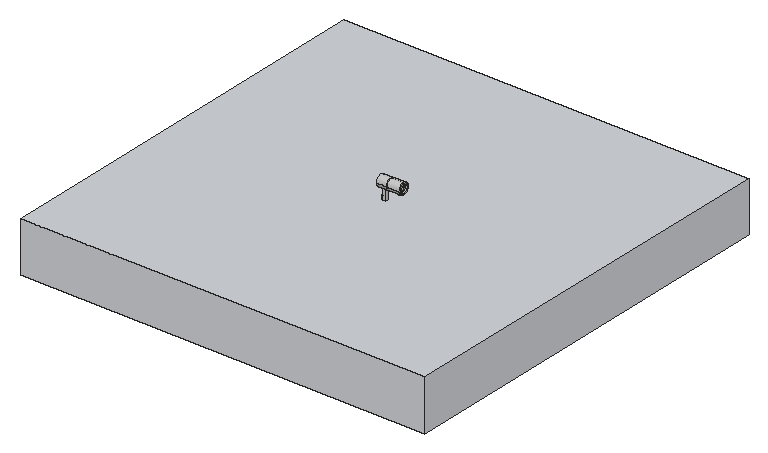
Revit family "LAMP_HANCE 48V 1000-2000 SPOT DALI", category Luminarias, Revit 2015
Parameters (values of type "657LM 2700 SPOT BLACK")
  Weight = 0.435 kg
  Type = "COB PHILIPS"
  Tilting angle [instance] = 90.00°
  Tilting [instance] = if(Tilting angle < 0.00°, 0.00°, if(Tilting angle > 90.00°, 90.00°, Tilting angle))  # 90.00°
  Rotation angle [instance] = 90.00°
  Protection rating = "IP20"
  Product datasheet = "http://www.lamp.es/product-files/TECH/HS1TL10SP827DBB-EN.pdf"
  Product code = "HS1TL10SP827DBB"
  Product URL = "https://www.lamp.es/en/family/hance-48v_195581"
  Power Supply = "48V DC"
  Power = 9 W
  Plum = 9.4 W
  Photometric web file = Cuerpo Hance 48V BASE 1000_2000 (tilting)_SP : 657LM 2700 SPOT BLACK
  Modelo = Product code  # "HS1TL10SP827DBB"
  Model explanation = "Availability of tilting between 0º and 90º, rotation between 0º and 355º and change ring color when placed in a project."
  Material tija = LAMP_Aluminio Hance Negro
  Manufacturer name = "LAMP"
  Manufacturer country = "Spain"
  Manufacturer URL = "http://www.lamp.es/en"
  MacAdam = "3"
  Luminaire type = "Indoor - Spotlight"
  Last update = "02/04/2019"
  Lamp = "COB LED"
  LED Lifetime = "50.000 L90 B10"
  Insulation class = "III"
  Installation instructions = "https://www.lamp.es/product-files/INS/1004290-B-INSTR.%20DE%20MONTAJE%20HANCE%2048V.pdf"
  Initial intensity = 657 lm
  Initial color = 2700 K
  IEE = "A+"
  Height = 135 mm
  Gear = "Adjustable DALI"
  Finish = "RAL9011 textured"
  Fabricante = Manufacturer name  # "LAMP"
  Default Elevation = 1219.2 mm
  Efficacy = 70 lm/W
  Diameter = 65 mm
  Descripción = "HANCE TRACK 48 1000 VWW SP DALI BK."
  Decorative ring [instance] = Aro decorativo 48V (tilting) (1000-2000) : Black
  Comentarios de tipo = Model explanation  # "Availability of tilting between 0º and 90º, rotation between 0º and 355º and change ring color when placed in a project."
  CRI = "80"
Types (12, lengths in mm): name | Product datasheet | Product code | Power | Plum | Photometric web file | Modelo | Material tija | LED Lifetime | Initial intensity | Initial color | Finish | Efficacy | Descripción
  657LM 2700 SPOT BLACK | "http://www.lamp.es/product-files/TECH/HS1TL10SP827DBB-EN.pdf" | "HS1TL10SP827DBB" | 9 W | 9.4 W | Cuerpo Hance 48V BASE 1000_2000 (tilting)_SP : 657LM 2700 SPOT BLACK | "HS1TL10SP827DBB" | LAMP_Aluminio Hance Negro | "50.000 L90 B10" | 657 lm | 2700 K | "RAL9011 textured" | 70 lm/W | "HANCE TRACK 48 1000 VWW SP DALI BK."
  657LM 2700 SPOT WHITE | "http://www.lamp.es/product-files/TECH/HS1TL10SP827DBW-EN.pdf" | "HS1TL10SP827DBW" | 9 W | 9.4 W | Cuerpo Hance 48V BASE 1000_2000 (tilting)_SP : 657LM 2700 SPOT WHITE | "HS1TL10SP827DBW" | LAMP_Aluminio Hance Blanco | "50.000 L90 B10" | 657 lm | 2700 K | "RAL9010 textured" | 70 lm/W | "HANCE TRACK 48 1000 VWW SP DALI WH."
  670LM 3000 SPOT BLACK | "http://www.lamp.es/product-files/TECH/HS1TL10SP830DBB-EN.pdf" | "HS1TL10SP830DBB" | 9 W | 9.4 W | Cuerpo Hance 48V BASE 1000_2000 (tilting)_SP : 670LM 3000 SPOT BLACK | "HS1TL10SP830DBB" | LAMP_Aluminio Hance Negro | "50.000 L90 B10" | 670 lm | 3000 K | "RAL9011 textured" | 71 lm/W | "HANCE TRACK 48 1000 WW SP DALI BK."
  670LM 3000 SPOT WHITE | "http://www.lamp.es/product-files/TECH/HS1TL10SP830DBW-EN.pdf" | "HS1TL10SP830DBW" | 9 W | 9.4 W | Cuerpo Hance 48V BASE 1000_2000 (tilting)_SP : 670LM 3000 SPOT WHITE | "HS1TL10SP830DBW" | LAMP_Aluminio Hance Negro | "50.000 L90 B10" | 670 lm | 3000 K | "RAL9010 textured" | 71 lm/W | "HANCE TRACK 48 1000 WW SP DALI WH."
  710LM 4000 SPOT BLACK | "http://www.lamp.es/product-files/TECH/HS1TL10SP840DBB-EN.pdf" | "HS1TL10SP840DBB" | 9 W | 9.4 W | Cuerpo Hance 48V BASE 1000_2000 (tilting)_SP : 710LM 4000 SPOT BLACK | "HS1TL10SP840DBB" | LAMP_Aluminio Hance Negro | "50.000 L90 B10" | 710 lm | 4000 K | "RAL9011 textured" | 76 lm/W | "HANCE TRACK 48 1000 NW SP DALI BK."
  710LM 4000 SPOT WHITE | "http://www.lamp.es/product-files/TECH/HS1TL10SP840DBW-EN.pdf" | "HS1TL10SP840DBW" | 9 W | 9.4 W | Cuerpo Hance 48V BASE 1000_2000 (tilting)_SP : 710LM 4000 SPOT WHITE | "HS1TL10SP840DBW" | LAMP_Aluminio Hance Blanco | "50.000 L90 B10" | 710 lm | 4000 K | "RAL9010 textured" | 76 lm/W | "HANCE TRACK 48 1000 NW SP DALI WH."
  1427LM 2700 SPOT BLACK | "http://www.lamp.es/product-files/TECH/HS1TL20SP827DBB-EN.pdf" | "HS1TL20SP827DBB" | 18 W | 16.9 W | Cuerpo Hance 48V BASE 1000_2000 (tilting)_SP : 1427LM 2700 SPOT BLACK | "HS1TL20SP827DBB" | LAMP_Aluminio Hance Negro | "50.000 L80 B10" | 1427 lm | 2700 K | "RAL9011 textured" | 84 lm/W | "HANCE TRACK 48 2000 VWW SP DALI BK."
  1427LM 2700 SPOT WHITE | "http://www.lamp.es/product-files/TECH/HS1TL20SP827DBW-EN.pdf" | "HS1TL20SP827DBW" | 18 W | 16.9 W | Cuerpo Hance 48V BASE 1000_2000 (tilting)_SP : 1427LM 2700 SPOT WHITE | "HS1TL20SP827DBW" | LAMP_Aluminio Hance Blanco | "50.000 L80 B10" | 1427 lm | 2700 K | "RAL9010 textured" | 84 lm/W | "HANCE TRACK 48 2000 VWW SP DALI WH."
  1456LM 3000 SPOT BLACK | "http://www.lamp.es/product-files/TECH/HS1TL20SP830DBB-EN.pdf" | "HS1TL20SP830DBB" | 18 W | 16.9 W | Cuerpo Hance 48V BASE 1000_2000 (tilting)_SP : 1456LM 3000 SPOT BLACK | "HS1TL20SP830DBB" | LAMP_Aluminio Hance Negro | "50.000 L80 B10" | 1456 lm | 3000 K | "RAL9011 textured" | 86 lm/W | "HANCE TRACK 48 2000 WW SP DALI BK."
  1456LM 3000 SPOT WHITE | "http://www.lamp.es/product-files/TECH/HS1TL20SP830DBW-EN.pdf" | "HS1TL20SP830DBW" | 18 W | 16.9 W | Cuerpo Hance 48V BASE 1000_2000 (tilting)_SP : 1456LM 3000 SPOT WHITE | "HS1TL20SP830DBW" | LAMP_Aluminio Hance Blanco | "50.000 L80 B10" | 1456 lm | 3000 K | "RAL9010 textured" | 86 lm/W | "HANCE TRACK 48 2000 WW SP DALI WH."
  1542LM 4000 SPOT BLACK | "http://www.lamp.es/product-files/TECH/HS1TL20SP840DBB-EN.pdf" | "HS1TL20SP840DBB" | 18 W | 16.9 W | Cuerpo Hance 48V BASE 1000_2000 (tilting)_SP : 1542LM 4000 SPOT BLACK | "HS1TL20SP840DBB" | LAMP_Aluminio Hance Negro | "50.000 L80 B10" | 1542 lm | 4000 K | "RAL9011 textured" | 91 lm/W | "HANCE TRACK 48 2000 NW SP DALI BK."
  1542LM 4000 SPOT WHITE | "http://www.lamp.es/product-files/TECH/HS1TL20SP840DBW-EN.pdf" | "HS1TL20SP840DBW" | 18 W | 16.9 W | Cuerpo Hance 48V BASE 1000_2000 (tilting)_SP : 1542LM 4000 SPOT WHITE | "HS1TL20SP840DBW" | LAMP_Aluminio Hance Blanco | "50.000 L80 B10" | 1542 lm | 4000 K | "RAL9010 textured" | 91 lm/W | "HANCE TRACK 48 2000 NW SP DALI WH."
Reference planes
  plane 1 "Centro (Frontal/Posterior)": y = 0
  plane 2: z = 0
  plane 3 "Centro (Izquierda/Derecha)": x = 0
Forms (mm)
  Extrusion 1, solid
    sketch origin (0, 0, 0) x (1, 0, 0) y (0, 1, 0)
      loop
        line (-1219.2, 1219.2) -> (-1219.2, -1219.2) -> (1219.2, -1219.2) -> (1219.2, 1219.2) -> (-1219.2, 1219.2)
    from 0 to -304.8
Lines and regions (mm)
  reference lines
    curve 1: line (0, 0, 0) -> (35, 0, 0)
Text (mm)
  text "Any modification of the parameters and properties of the LAMP BIM models must be executed and validated by the LAMP technical department.\n\nPhone: +34 93 736 68 00\n\nE-mail: lamp@lamp.es\n\n\n\nLAMP reserves the right to modify the technical specifications of its products." at (-20834.097, 15882.061, -4447.286), in view "Preview"
Dimensions and locks
  "Rotation angle": angle curve 1 to plane 3 "Centro (Izquierda/Derecha)"
  aligned and locked: plane 2 to Extrusion 1
  aligned and locked: level to Extrusion 1
  aligned and locked: plane 3 "Centro (Izquierda/Derecha)" to curve 1
  aligned and locked: plane 1 "Centro (Frontal/Posterior)" to curve 1
Automatic sketch dimensions
  Extrusion 1 sketch curve to Extrusion 1 sketch curve = 2438.4 mm  (x2)
Nested families
  nested 1: "Tija 48V (1000-2000)" at (4.1, 0, 0), type "Tija 48V"
  nested 2: "Cuerpo Hance 48V BASE 1000_2000 (tilting)_SP" at (1.081, -1.967, 77.249) x (1, 0, 0) z (0, 0, -1), type <- "Photometric web file", type "657LM 2700 SPOT BLACK"
  nested 3: "Aro decorativo 48V (tilting) (1000-2000)" at (57.856, 0, 77.274) x (0, 0, 1) z (1, 0, 0), type <- "Decorative ring", type "Black"
    with Tilting 0.00°
Definition of nested family "Tija 48V (1000-2000)"
  Parameters (values of type "Tija 48V")
    Profundidad tija = 18 mm
    Material tija = none
    Default Elevation = 1219.2 mm
    Diametro vaciado redondo = if(Anchura tija = 20 mm, 10 mm, 7.5 mm)  # 10 mm
    Anchura tija = 20 mm
    Profundo vaciado = if(Profundidad tija = 18 mm, 10.8 mm, 1 mm)  # 10.8 mm
    Ancho vaciado = Anchura tija  # 20 mm
    Altura tija = 88.5 mm
  Reference planes
    plane 1 "Centro (Frontal/Posterior)": y = 0
    plane 2: z = 0
    plane 3 "Centro (Izquierda/Derecha)": x = 0
  Forms (mm)
    Extrusion 1, solid
      sketch origin (0, 0, 0) x (1, 0, 0) y (0, 1, 0)
        loop
          line (-1219.2, 1219.2) -> (-1219.2, -1219.2) -> (1219.2, -1219.2) -> (1219.2, 1219.2) -> (-1219.2, 1219.2)
      from 0 to -304.8
    Extrusion 2, solid, material <- "Material tija"
      sketch origin (0, 0, -18) x (1, 0, 0) y (0, 0, 1)
        loop
          line (13.9, 18) -> (13.9, 106.5) -> (-6.297, 106.5)
          arc (-6.297, 106.5) -> (-12.297, 100.5) -> (-6.297, 94.5) r 6
          line (-6.297, 94.5) -> (-4.1, 94.5) -> (-4.1, 40) -> (-18.142, 40) -> (-18.142, 18) -> (-4.1, 18) -> (13.9, 18)
      from -10 to 10
    Extrusion 3, void
      sketch origin (10.8, -11.5, 0) x (-1, 0, 0) y (0, 1, 0)
        loop
          line (0, 21.5) -> (-28.341, 21.5) -> (-28.341, 1.5) -> (0, 1.5)
          arc (0, 1.5) -> (-1.264, 11.5) -> (0, 21.5) r 40.201
      from -132.265 to 0
    Extrusion 4, void
      sketch origin (27.648, 0, 0) x (1, 0, 0) y (0, 1, 0)
        loop
          line (-31.748, 10) -> (-31.748, 20) -> (-61.648, 20) -> (-61.648, -18.394) -> (-31.748, -18.394) -> (-31.748, -10)
          arc (-31.748, -10) -> (-41.748, 0) -> (-31.748, 10) r 10
      from 0 to 22
    Extrusion 5, void
      sketch origin (0, 0, 0) x (1, 0, 0) y (0, 0, 1)
        loop
          circle (-7.621, 82.5) r 3.125
        loop
          circle (-7.621, 46.9) r 3.125
      from -21.347 to 27.483
  Cuts and joins
    Extrusion 3, Extrusion 4, Extrusion 5 cuts Extrusion 2
  Lines and regions (mm)
    reference lines
      curve 1: line (10.8, -11.5, 0) -> (10.8, 11.5, 0)
  Dimensions and locks
    equal spacing: cut or joined group of Extrusion 2, Extrusion 3, Extrusion 4, Extrusion 5, plane 1 "Centro (Frontal/Posterior)", cut or joined group of Extrusion 2, Extrusion 3, Extrusion 4, Extrusion 5
    "Anchura tija": cut or joined group of Extrusion 2, Extrusion 3, Extrusion 4, Extrusion 5 to cut or joined group of Extrusion 2, Extrusion 3, Extrusion 4, Extrusion 5
    plane 1 "Centro (Frontal/Posterior)" to Extrusion 3 sketch curve = 10 mm
    "Altura tija": Extrusion 2 sketch curve to Extrusion 2 sketch curve
    "Profundidad tija": cut or joined group of Extrusion 2, Extrusion 3, Extrusion 4, Extrusion 5 to cut or joined group of Extrusion 2, Extrusion 3, Extrusion 4, Extrusion 5
    locked: cut or joined group of Extrusion 2, Extrusion 3, Extrusion 4, Extrusion 5 to plane 3 "Centro (Izquierda/Derecha)" at 4.1
    locked: plane 3 "Centro (Izquierda/Derecha)" to Extrusion 3 sketch curve at 39.141
    "Profundo vaciado": plane 3 "Centro (Izquierda/Derecha)" to curve 1
    "Ancho vaciado": Extrusion 3 sketch curve to Extrusion 3 sketch curve
    equal spacing: Extrusion 3 sketch curve, plane 1 "Centro (Frontal/Posterior)", Extrusion 3 sketch curve
    "Diametro vaciado redondo": radius of Extrusion 4 sketch curve
    aligned and locked: plane 2 to Extrusion 1
    aligned and locked: level to Extrusion 1
  Automatic sketch dimensions
    Extrusion 1 sketch curve to Extrusion 1 sketch curve = 2438.4 mm  (x2)
    Extrusion 5 sketch curve to plane 3 "Centro (Izquierda/Derecha)" = 7.621 mm  (x2)
    level to Extrusion 5 sketch curve = 46.9 mm
    Extrusion 5 sketch curve to Extrusion 5 sketch curve = 35.6 mm
    Extrusion 5 sketch curve to Extrusion 5 sketch curve = 3.125 mm  (x2)
    Extrusion 2 sketch curve to level = 0 mm
    Extrusion 2 sketch curve to plane 3 "Centro (Izquierda/Derecha)" = 18.142 mm
    Extrusion 2 sketch curve to plane 3 "Centro (Izquierda/Derecha)" = 6.297 mm
    Extrusion 2 sketch curve to plane 3 "Centro (Izquierda/Derecha)" = 4.1 mm  (x2)
    plane 3 "Centro (Izquierda/Derecha)" to Extrusion 2 sketch curve = 13.9 mm
    level to Extrusion 2 sketch curve = 22 mm
    Extrusion 2 sketch curve to Extrusion 2 sketch curve = 12 mm
    plane 1 "Centro (Frontal/Posterior)" to curve 1 = 11.5 mm
    curve 1 to plane 1 "Centro (Frontal/Posterior)" = 11.5 mm
    Extrusion 3 sketch curve to curve 1 = 0 mm  (x2)
    curve 1 to Extrusion 3 sketch curve = 38.937 mm
    plane 1 "Centro (Frontal/Posterior)" to Extrusion 4 sketch curve = 0 mm
    Extrusion 4 sketch curve to plane 3 "Centro (Izquierda/Derecha)" = 34 mm
    Extrusion 4 sketch curve to plane 3 "Centro (Izquierda/Derecha)" = 4.1 mm
    plane 1 "Centro (Frontal/Posterior)" to Extrusion 4 sketch curve = 18.394 mm
    Extrusion 4 sketch curve to Extrusion 4 sketch curve = 10 mm
Definition of nested family "Cuerpo Hance 48V BASE 1000_2000 (tilting)_SP"
  Parameters (values of type "657LM 2700 SPOT BLACK")
    Tilting = 90.00°
    Photometric web file = Cuerpo Hance 48V BASE 1000_2000_SP : 657LM 2700 SPOT BLACK
    Longitud cuerpo = 135 mm
    Default Elevation = 1219.2 mm
  Types (13, lengths in mm): name | Photometric web file
    (no name) | Cuerpo Hance 48V BASE 1000_2000_SP : 657LM 2700 SPOT BLACK
    657LM 2700 SPOT BLACK | Cuerpo Hance 48V BASE 1000_2000_SP : 657LM 2700 SPOT BLACK
    657LM 2700 SPOT WHITE | Cuerpo Hance 48V BASE 1000_2000_SP : 657LM 2700 SPOT WHITE
    670LM 3000 SPOT BLACK | Cuerpo Hance 48V BASE 1000_2000_SP : 670LM 3000 SPOT BLACK
    670LM 3000 SPOT WHITE | Cuerpo Hance 48V BASE 1000_2000_SP : 670LM 3000 SPOT WHITE
    710LM 4000 SPOT BLACK | Cuerpo Hance 48V BASE 1000_2000_SP : 710LM 4000 SPOT BLACK
    710LM 4000 SPOT WHITE | Cuerpo Hance 48V BASE 1000_2000_SP : 710LM 4000 SPOT WHITE
    1427LM 2700 SPOT BLACK | Cuerpo Hance 48V BASE 1000_2000_SP : 1427LM 2700 SPOT BLACK
    1427LM 2700 SPOT WHITE | Cuerpo Hance 48V BASE 1000_2000_SP : 1427LM 2700 SPOT WHITE
    1456LM 3000 SPOT BLACK | Cuerpo Hance 48V BASE 1000_2000_SP : 1456LM 3000 SPOT BLACK
    1456LM 3000 SPOT WHITE | Cuerpo Hance 48V BASE 1000_2000_SP : 1456LM 3000 SPOT WHITE
    1542LM 4000 SPOT BLACK | Cuerpo Hance 48V BASE 1000_2000_SP : 1542LM 4000 SPOT BLACK
    1542LM 4000 SPOT WHITE | Cuerpo Hance 48V BASE 1000_2000_SP : 1542LM 4000 SPOT WHITE
  Reference planes
    plane 1 "Centro (Frontal/Posterior)": y = 0
    plane 2: z = 0
    plane 3 "Centro (Izquierda/Derecha)": x = 0
  Lines and regions (mm)
    reference lines
      curve 1: line (0, 0, 0) -> (200, 0, 0)
  Dimensions and locks
    "Tilting": angle plane 3 "Centro (Izquierda/Derecha)" to curve 1
    aligned and locked: level to plane 2
    aligned and locked: plane 3 "Centro (Izquierda/Derecha)" to curve 1
    aligned and locked: plane 2 to curve 1
  Nested families
    nested 1: "Cuerpo Hance 48V BASE 1000_2000_SP" at (21.857, -1.967, 11.25), type <- "Photometric web file", type "657LM 2700 SPOT BLACK"
  Definition of nested family "Cuerpo Hance 48V BASE 1000_2000_SP"
    Parameters (values of type "657LM 2700 SPOT BLACK")
      Tilt Angle = 90.00° + Tilting  # 180.00°
      Wattage = 9.4 W
      Tilting = 90.00°
      built-in parameter 1150107 = 2700 (stored number, unit not read)
      Radio vacio posterior = Radio cuerpo - 2.2 mm  # 30.3 mm
      Radio vaciado = Radio cuerpo - 1.5 mm  # 31 mm
      Radio optica = if(Radio cuerpo = 20 mm, 10 mm, 23 mm)  # 23 mm
      Radio cuerpo = if(Longitud cuerpo = 78 mm, 20 mm, 32.5 mm)  # 32.5 mm
      built-in parameter 1150110 = 1 (stored number, unit not read)
      built-in parameter 1150109 = 1 (stored number, unit not read)
      built-in parameter 1150112 = 1 (stored number, unit not read)
      built-in parameter 1150113 = 1 (stored number, unit not read)
      built-in parameter 1114218 = 1 (stored number, unit not read)
      built-in parameter 1150137 = (empty or 0)
      built-in parameter 1150132 = 2
      Material reflector = none
      Material optica = none
      Material cuerpo = none
      Material COB = none
      Longitud cuerpo = 135 mm
      Long. origen luz = if(Longitud cuerpo = 78 mm, 20 mm, 77 mm)  # 77 mm
      L_2 = if(Ancho disipador posterior = 32 mm, 9.5 mm, 21 mm)  # 21 mm
      L_1 = if(Ancho disipador posterior = 32 mm, 13 mm, 27 mm)  # 27 mm
      built-in parameter 1150105 = 3534.8 (stored number, unit not read)
      built-in parameter 1150102 = (empty or 0)
      built-in parameter 1150106 = 35.348 (stored number, unit not read)
      Lumens = 658 lm
      Color Filter = 16777215
      built-in parameter 1114217 = 1 (stored number, unit not read)
      built-in parameter 1150139 = (empty or 0)
      Default Elevation = 1219.2 mm
      built-in parameter 1150104 = 6.5032 (stored number, unit not read)
      Efficacy = 70 lm/W
      Diametro aro = if(Radio cuerpo = 20 mm, 17.9 mm, 30.4 mm)  # 30.4 mm
      built-in parameter 1150115 = 1 (stored number, unit not read)
      built-in parameter 1150114 = 1 (stored number, unit not read)
      built-in parameter 1150138 = (empty or 0)
      built-in parameter 1150134 = (empty or 0)
      Dimming Lamp Color Temperature Shift = (empty or 0)
      Photometric Web File = "HS1TL10SP827NBB.IES"
      Ancho vaciado reflector = Ancho reflector - 1 mm  # 23 mm
      Ancho reflector = 24 mm
      Ancho disipador posterior = if(Radio cuerpo = 20 mm, 32 mm, 57 mm)  # 57 mm
      built-in parameter 1150133 = 10 (stored number, unit not read)
      Altura disipador superior = if(Radio cuerpo = 20 mm, 44.3 mm, 45.3 mm)  # 45.3 mm
      Ancho disipador superior = if(Radio cuerpo = 20 mm, 16.8 mm, 22.6 mm)  # 22.6 mm
    Types (12, lengths in mm): name | Wattage | built-in parameter 1150107 | built-in parameter 1150105 | built-in parameter 1150106 | Lumens | built-in parameter 1150104 | Efficacy | built-in parameter 1150134 | Photometric Web File
      657LM 2700 SPOT BLACK | 9.4 W | 2700 (stored number, unit not read) | 3534.8 (stored number, unit not read) | 35.348 (stored number, unit not read) | 658 lm | 6.5032 (stored number, unit not read) | 70 lm/W | (empty or 0) | "HS1TL10SP827NBB.IES"
      657LM 2700 SPOT WHITE | 9.4 W | 2700 (stored number, unit not read) | 3534.8 (stored number, unit not read) | 35.348 (stored number, unit not read) | 658 lm | 6.5032 (stored number, unit not read) | 70 lm/W | (empty or 0) | "HS1TL10SP827NBW.IES"
      670LM 3000 SPOT BLACK | 9.4 W | 3000 (stored number, unit not read) | 3585.3 (stored number, unit not read) | 35.853 (stored number, unit not read) | 667.4 lm | 6.5961 (stored number, unit not read) | 71 lm/W | (empty or 0) | "HS1TL10SP830NBB.IES"
      670LM 3000 SPOT WHITE | 9.4 W | 3000 (stored number, unit not read) | 3585.3 (stored number, unit not read) | 35.853 (stored number, unit not read) | 667.4 lm | 6.5961 (stored number, unit not read) | 71 lm/W | (empty or 0) | "HS1TL10SP830NBW.IES"
      710LM 4000 SPOT BLACK | 9.4 W | 4000 (stored number, unit not read) | 3837.8 (stored number, unit not read) | 38.378 (stored number, unit not read) | 714.4 lm | 7.0606 (stored number, unit not read) | 76 lm/W | 12 | "HS1TL10SP840NBB.IES"
      710LM 4000 SPOT WHITE | 9.4 W | 4000 (stored number, unit not read) | 3837.8 (stored number, unit not read) | 38.378 (stored number, unit not read) | 714.4 lm | 7.0606 (stored number, unit not read) | 76 lm/W | 12 | "HS1TL10SP840NBW.IES"
      1427LM 2700 SPOT BLACK | 16.9 W | 2700 (stored number, unit not read) | 7626.1 (stored number, unit not read) | 76.261 (stored number, unit not read) | 1419.6 lm | 7.8039 (stored number, unit not read) | 84 lm/W | (empty or 0) | "HS1TL20SP827NBB.IES"
      1427LM 2700 SPOT WHITE | 16.9 W | 2700 (stored number, unit not read) | 7626.1 (stored number, unit not read) | 76.261 (stored number, unit not read) | 1419.6 lm | 7.8039 (stored number, unit not read) | 84 lm/W | (empty or 0) | "HS1TL20SP827NBW.IES"
      1456LM 3000 SPOT BLACK | 16.9 W | 2700 (stored number, unit not read) | 8057 (stored number, unit not read) | 80.57 (stored number, unit not read) | 1453.4 lm | 7.9897 (stored number, unit not read) | 86 lm/W | (empty or 0) | "HS1TL20SP830NBB.IES"
      1456LM 3000 SPOT WHITE | 16.9 W | 3000 (stored number, unit not read) | 8057 (stored number, unit not read) | 80.57 (stored number, unit not read) | 1453.4 lm | 7.9897 (stored number, unit not read) | 86 lm/W | (empty or 0) | "HS1TL20SP830NBW.IES"
      1542LM 4000 SPOT BLACK | 16.9 W | 4000 (stored number, unit not read) | 8525.4 (stored number, unit not read) | 85.254 (stored number, unit not read) | 1537.9 lm | 8.4542 (stored number, unit not read) | 91 lm/W | 12 | "HS1TL20SP840NBB.IES"
      1542LM 4000 SPOT WHITE | 16.9 W | 4000 (stored number, unit not read) | 8525.4 (stored number, unit not read) | 85.254 (stored number, unit not read) | 1537.9 lm | 8.4542 (stored number, unit not read) | 91 lm/W | 12 | "HS1TL20SP840NBW.IES"
    Reference planes
      plane 1 "Centro (Frontal/Posterior)": y = 0
      plane 2: z = 0
      plane 3 "Centro (Izquierda/Derecha)": x = 0
    Forms (mm)
      Extrusion 1, solid, material <- "Material cuerpo"
        sketch origin (0, 0, 0) x (0, -1, 0) y (0, 0, 1)
          loop
            circle (0, -27.875) r 32.5
        from -93 to 42
      Extrusion 2, void
        sketch origin (0, 0, 0) x (0, 1, 0) y (0, 0, 1)
          loop
            line (11.3, 30) -> (-11.3, 30) -> (-11.3, -15.3)
            arc (-11.3, -15.3) -> (0, -16.149) -> (11.3, -15.3) r 75.643
            line (11.3, -15.3) -> (11.3, 30)
        from -42 to -9.283
      Extrusion 3, void
        sketch origin (0, 0, 0) x (0, 1, 0) y (0, 0, 1)
          loop
            circle (0, -27.875) r 30.3
        from -42 to -41
      Extrusion 4, void
        sketch origin (0, 0, 0) x (0, 1, 0) y (0, 0, 1)
          loop
            line (28.5, -26.291) -> (-28.5, -26.291)
            arc (-28.5, -26.291) -> (-29.7, -27.491) -> (-28.5, -28.691) r 1.2
            line (-28.5, -28.691) -> (28.5, -28.691)
            arc (28.5, -28.691) -> (29.7, -27.491) -> (28.5, -26.291) r 1.2
          loop
            line (28.115, -30.891) -> (-28.115, -30.891)
            arc (-28.115, -30.891) -> (-29.315, -32.091) -> (-28.115, -33.291) r 1.2
            line (-28.115, -33.291) -> (28.115, -33.291)
            arc (28.115, -33.291) -> (29.315, -32.091) -> (28.115, -30.891) r 1.2
          loop
            line (27, -35.404) -> (-25.984, -35.404)
            arc (-25.984, -35.404) -> (-27.184, -36.604) -> (-25.984, -37.804) r 1.2
            line (-25.984, -37.804) -> (27, -37.804)
            arc (27, -37.804) -> (28.2, -36.604) -> (27, -35.404) r 1.2
          loop
            line (21, -39.58) -> (-21.697, -39.58)
            arc (-21.697, -39.58) -> (-22.897, -40.78) -> (-21.697, -41.98) r 1.2
            line (-21.697, -41.98) -> (21, -41.98)
            arc (21, -41.98) -> (22.2, -40.78) -> (21, -39.58) r 1.2
        from -42 to -38.7
      Extrusion 5, void
        sketch origin (0, 0, 0) x (-1, 0, 0) y (0, -1, 0)
          loop
            line (37.7, -6.3) -> (37.7, 6.3)
            arc (37.7, 6.3) -> (36.6, 7.4) -> (35.5, 6.3) r 1.1
            line (35.5, 6.3) -> (35.5, -6.3)
            arc (35.5, -6.3) -> (36.6, -7.4) -> (37.7, -6.3) r 1.1
          loop
            line (28.9, -6.3) -> (28.9, 6.3)
            arc (28.9, 6.3) -> (27.8, 7.4) -> (26.7, 6.3) r 1.1
            line (26.7, 6.3) -> (26.7, -6.3)
            arc (26.7, -6.3) -> (27.8, -7.4) -> (28.9, -6.3) r 1.1
          loop
            line (20.1, -6.3) -> (20.1, 6.3)
            arc (20.1, 6.3) -> (19, 7.4) -> (17.9, 6.3) r 1.1
            line (17.9, 6.3) -> (17.9, -6.3)
            arc (17.9, -6.3) -> (19, -7.4) -> (20.1, -6.3) r 1.1
        from -18.74 to 30
      Extrusion 6, void
        sketch origin (0, 0, 0) x (-1, 0, 0) y (0, -1, 0)
          loop
            line (33.3, -6.3) -> (33.3, 6.3)
            arc (33.3, 6.3) -> (32.2, 7.4) -> (31.1, 6.3) r 1.1
            line (31.1, 6.3) -> (31.1, -6.3)
            arc (31.1, -6.3) -> (32.2, -7.4) -> (33.3, -6.3) r 1.1
          loop
            line (24.5, -6.3) -> (24.5, 6.3)
            arc (24.5, 6.3) -> (23.4, 7.4) -> (22.3, 6.3) r 1.1
            line (22.3, 6.3) -> (22.3, -6.3)
            arc (22.3, -6.3) -> (23.4, -7.4) -> (24.5, -6.3) r 1.1
        from -16.455 to 30
      Extrusion 7, void
        sketch origin (0, 0, 0) x (0, 1, 0) y (0, 0, 1)
          loop
            circle (0, -27.875) r 31
        from 17.213 to 93
      Extrusion 8, solid, material <- "Material COB"
        sketch origin (0, 0, 0) x (0, -1, 0) y (0, 0, 1)
          loop
            circle (0, -27.875) r 7.733
        from -75.2 to -74.213
      Revolve 9, solid, material <- "Material reflector"
        sketch origin (0, 0, 0) x (1, 0, 0) y (0, 0, 1)
          loop
            line (79.5, -3.875) -> (74.213, -6.142) -> (73.213, -6.57) -> (73.213, -27.875) -> (74.213, -27.875) -> (74.213, -20.142) -> (75.2, -20.142) -> (79.5, -4.875) -> (79.5, -3.875)
          axis (73.213, -27.875) -> (79.5, -27.875)
        angle from 0 to 360
    Cuts and joins
      Extrusion 2, Extrusion 3, Extrusion 4, Extrusion 5, Extrusion 6, Extrusion 7 cuts Extrusion 1
    Lines and regions (mm)
      reference lines
        curve 1: line (0, 0, 0) -> (178.042, 0, 0)
        curve 2: line (36, 0, -27.875) -> (113, 0, -27.875)
        curve 3: line (0, 0, 0) -> (0, 0, -75)
        curve 4: line (36, 0, -22.875) -> (36, 0, -32.875)
    Text (mm)
      text "Any modification of the parameters and properties of the LAMP BIM models must be executed and validated by the LAMP technical department.\n\nPhone: +34 93 736 68 00\n\nE-mail: lamp@lamp.es\n\n\n\nLAMP reserves the right to modify the technical specifications of its products." at (97482.136, -81600.41, 57308.082), in view "Preview"
    Dimensions and locks
      "Longitud cuerpo": cut or joined group of Extrusion 1, Extrusion 2, Extrusion 3, Extrusion 4, Extrusion 5, Extrusion 6, Extrusion 7 to cut or joined group of Extrusion 1, Extrusion 2, Extrusion 3, Extrusion 4, Extrusion 5, Extrusion 6, Extrusion 7
      locked: cut or joined group of Extrusion 1, Extrusion 2, Extrusion 3, Extrusion 4, Extrusion 5, Extrusion 6, Extrusion 7 to curve 3 at 42
      "Long. origen luz": curve 4 to curve 2
      equal spacing: Extrusion 4 sketch curve, plane 1 "Centro (Frontal/Posterior)", Extrusion 4 sketch curve
      "Ancho disipador posterior": Extrusion 4 sketch curve to Extrusion 4 sketch curve
      "L_1": Extrusion 4 sketch curve to plane 1 "Centro (Frontal/Posterior)"
      "L_2": Extrusion 4 sketch curve to curve 3
      equal spacing: Extrusion 2 sketch curve, plane 1 "Centro (Frontal/Posterior)", Extrusion 2 sketch curve
      "Ancho disipador superior": Extrusion 2 sketch curve to Extrusion 2 sketch curve
      "Altura disipador superior": Extrusion 2 sketch curve to Extrusion 2 sketch curve
      locked: plane 2 to Extrusion 2 sketch curve at 30
      locked: Extrusion 8 to Extrusion 8 at 0.987
      locked: cut or joined group of Extrusion 1, Extrusion 2, Extrusion 3, Extrusion 4, Extrusion 5, Extrusion 6, Extrusion 7 to Extrusion 8 at 17.8
      "Ancho reflector": Revolve 9 sketch curve to imposter light
      locked: Revolve 9 to cut or joined group of Extrusion 1, Extrusion 2, Extrusion 3, Extrusion 4, Extrusion 5, Extrusion 6, Extrusion 7 at 13.5
      "Radio cuerpo": radius of Extrusion 1 sketch curve
      "Radio vaciado": radius of Extrusion 7 sketch curve
      "Radio vacio posterior": radius of Extrusion 3 sketch curve
      "Tilting": angle plane 3 "Centro (Izquierda/Derecha)" to curve 1
      aligned and locked: level to plane 2
      aligned and locked: imposter light to curve 2  (x2)
      aligned and locked: cut or joined group of Extrusion 1, Extrusion 2, Extrusion 3, Extrusion 4, Extrusion 5, Extrusion 6, Extrusion 7 to cut or joined group of Extrusion 1, Extrusion 2, Extrusion 3, Extrusion 4, Extrusion 5, Extrusion 6, Extrusion 7
    Automatic sketch dimensions
      Extrusion 8 sketch curve to plane 1 "Centro (Frontal/Posterior)" = 0 mm
      curve 1 to Extrusion 5 sketch curve = 17.9 mm
      Extrusion 5 sketch curve to Extrusion 5 sketch curve = 1.1 mm  (x3)
      Extrusion 5 sketch curve to Extrusion 5 sketch curve = 6.6 mm  (x2)
      Extrusion 5 sketch curve to curve 1 = 6.3 mm  (x3)
      curve 1 to Extrusion 5 sketch curve = 6.3 mm  (x3)
      Extrusion 6 sketch curve to curve 1 = 6.3 mm  (x2)
      curve 1 to Extrusion 6 sketch curve = 22.3 mm
      Extrusion 6 sketch curve to Extrusion 6 sketch curve = 1.1 mm  (x2)
      Extrusion 6 sketch curve to Extrusion 6 sketch curve = 6.6 mm
      curve 1 to Extrusion 6 sketch curve = 6.3 mm
      Extrusion 6 sketch curve to Extrusion 6 sketch curve = 0 mm
      Extrusion 1 sketch curve to plane 1 "Centro (Frontal/Posterior)" = 0 mm
      Extrusion 1 sketch curve to level = 27.875 mm
      Extrusion 2 sketch curve to plane 1 "Centro (Frontal/Posterior)" = 0 mm
      Extrusion 2 sketch curve to Extrusion 2 sketch curve = 29.494 mm
      Extrusion 3 sketch curve to plane 1 "Centro (Frontal/Posterior)" = 0 mm
      Extrusion 3 sketch curve to level = 27.875 mm
      Extrusion 4 sketch curve to Extrusion 4 sketch curve = 0.385 mm  (x2)
      Extrusion 4 sketch curve to Extrusion 4 sketch curve = 2.132 mm
      Extrusion 4 sketch curve to Extrusion 4 sketch curve = 4.287 mm
      Extrusion 4 sketch curve to level = 41.98 mm
      Extrusion 4 sketch curve to Extrusion 4 sketch curve = 1.2 mm  (x4)
      Extrusion 4 sketch curve to Extrusion 4 sketch curve = 1.776 mm
      Extrusion 4 sketch curve to Extrusion 4 sketch curve = 2.113 mm
      Extrusion 4 sketch curve to Extrusion 4 sketch curve = 2.2 mm
      Extrusion 7 sketch curve to plane 1 "Centro (Frontal/Posterior)" = 0 mm
      Extrusion 7 sketch curve to level = 27.875 mm
      curve 1 to level = 0 mm
      curve 1 to plane 3 "Centro (Izquierda/Derecha)" = 0 mm
      curve 3 to curve 1 = 0 mm  (x2)
      curve 3 to curve 1 = 75 mm
      curve 1 to curve 4 = 36 mm
      curve 1 to curve 4 = 32.875 mm
      curve 1 to curve 2 = 27.875 mm
      curve 2 to curve 4 = 5 mm
      Revolve 9 sketch curve to level = 6.57 mm
      plane 3 "Centro (Izquierda/Derecha)" to Revolve 9 sketch curve = 73.213 mm
      Revolve 9 sketch curve to level = 6.142 mm
      Revolve 9 sketch curve to Revolve 9 sketch curve = 1 mm  (x3)
      Revolve 9 sketch curve to level = 20.142 mm
      Revolve 9 sketch curve to Revolve 9 sketch curve = 0.987 mm
      Revolve 9 sketch curve to Revolve 9 sketch curve = 5.287 mm
      Revolve 9 sketch curve to Revolve 9 sketch curve = 7.733 mm
      Revolve 9 sketch curve to Revolve 9 sketch curve = 0 mm  (x2)
      Revolve 9 sketch curve to Revolve 9 sketch curve = 18.787 mm
      radius of Extrusion 8 sketch curve = 7.733 mm
Definition of nested family "Aro decorativo 48V (tilting) (1000-2000)"
  Parameters (values of type "Copper")
    Weight (1000/2000) = 0.01 kg
    Weight (500) = 0.004 kg
    Tilting = 90.00°
    Product datasheet = ""
    Product code (1000/2000) = "HSRI65C"
    Product code (500) = "HSRI40C"
    Product URL = ""
    Model = ""
    Material aro secundario = none
    Material aro = none
    Manufacturer name = "LAMP"
    Manufacturer country = "Spain"
    Manufacturer URL = "http://www.lamp.es/en"
    Longitud = 47.9 mm
    Last update = "18/03/2019"
    Installation instructions = ""
    Finish = "Metalized matt copper"
    Manufacturer = Manufacturer name  # "LAMP"
    Default Elevation = 1219.2 mm
    Diameter (1000/2000) = 65 mm
    Diameter (500) = 40 mm
    Description = ""
    Accessory Type = "Optic"
    1000/2000 Model = "HSRI65C"
    1000/2000 Description = "HANCE 1000/2000 ACC. RING DECO CO."
    500 Model = "HSRI40C"
    500 Description = "HANCE 500 ACC. RING DECO CO."
  Types (5, lengths in mm): name | Product code (1000/2000) | Product code (500) | Finish | 1000/2000 Model | 1000/2000 Description | 500 Model | 500 Description
    (no name) | "HSRI65C" | "HSRI40C" | "Metalized matt copper" | "HSRI65C" | "HANCE 1000/2000 ACC. RING DECO CO." | "HSRI40C" | "HANCE 500 ACC. RING DECO CO."
    Black | "" | "" | "Matt black" | "" | "" | "" | ""
    Copper | "HSRI65C" | "HSRI40C" | "Metalized matt copper" | "HSRI65C" | "HANCE 1000/2000 ACC. RING DECO CO." | "HSRI40C" | "HANCE 500 ACC. RING DECO CO."
    Grey | "HSRI65M" | "HSRI40M" | "Metalized matt silver" | "HSRI65M" | "HANCE 1000/2000 ACC. RING DECO MET." | "HSRI40M" | "HANCE 500 ACC. RING DECO MET."
    White | "HSRI65W" | "HSRI40W" | "Matt black" | "HSRI65W" | "HANCE 1000/2000 ACC. RING DECO WH." | "HSRI40W" | "HANCE 500 ACC. RING DECO WH."
  Reference planes
    plane 1 "Centro (Frontal/Posterior)": y = 0
    plane 2: z = 0
    plane 3 "Centro (Izquierda/Derecha)": x = 0
  Lines and regions (mm)
    reference lines
      curve 1: line (0, 0, 0) -> (0, 0, -16.564)
      curve 2: line (0, 0, -16.564) -> (47.89, 0, -16.564)
  Text (mm)
    text "Any modification of the parameters and properties of the LAMP BIM models must be executed and validated by the LAMP technical department.\n\nPhone: +34 93 736 68 00\n\nE-mail: lamp@lamp.es\n\n\n\nLAMP reserves the right to modify the technical specifications of its products." at (86527.204, -96597.187, 50741.736), in view "Preview"
  Dimensions and locks
    "Tilting": angle curve 1 to plane 2
    aligned and locked: level to plane 2
    aligned and locked: plane 3 "Centro (Izquierda/Derecha)" to curve 1
    aligned and locked: plane 2 to curve 1
  Automatic sketch dimensions
    curve 2 to curve 1 = 0 mm
    curve 1 to curve 2 = 0 mm
    curve 1 to curve 2 = 47.89 mm
  Nested families
    nested 1: "Aro decorativo 48V (1000-2000)" at (-0.01, 0, 0), type "Copper"
  Definition of nested family "Aro decorativo 48V (1000-2000)"
    Parameters (values of type "Copper")
      Weight (1000/2000) = 0.01 kg
      Weight (500) = 0.004 kg
      Product datasheet = ""
      Product code (1000/2000) = "HSRI65C"
      Product code (500) = "HSRI40C"
      Product URL = ""
      Model = ""
      Material aro secundario = none
      Material aro = none
      Manufacturer name = "LAMP"
      Manufacturer country = "Spain"
      Manufacturer URL = "http://www.lamp.es/en"
      Longitud = 47.9 mm
      Last update = "18/03/2019"
      Installation instructions = ""
      Finish = "Metalized matt copper"
      Manufacturer = Manufacturer name  # "LAMP"
      Radio vaciado aro interior = 24.921 mm
      Radio vaciado aro exterior = 30 mm
      Radio aro interior = 25.985 mm
      Radio aro exterior = 31 mm
      Default Elevation = 1219.2 mm
      Diameter (1000/2000) = 65 mm
      Diameter (500) = 40 mm
      Description = ""
      Accessory Type = "Optic"
      1000/2000 Model = "HSRI65C"
      1000/2000 Description = "HANCE 1000/2000 ACC. RING DECO CO."
      500 Description = "HANCE 500 ACC. RING DECO CO."
      500 Model = "HSRI40C"
    Types (5, lengths in mm): name | Product code (1000/2000) | Product code (500) | Finish | Radio vaciado aro interior | Radio aro interior | 1000/2000 Model | 1000/2000 Description | 500 Description | 500 Model
      (no name) | "HSRI65C" | "HSRI40C" | "Metalized matt copper" | 24.921 | 25.985 | "HSRI65C" | "HANCE 1000/2000 ACC. RING DECO CO." | "HANCE 500 ACC. RING DECO CO." | "HSRI40C"
      Black | "" | "" | "Matt black" | 24.9 | 26 | "" | "" | "" | ""
      Copper | "HSRI65C" | "HSRI40C" | "Metalized matt copper" | 24.921 | 25.985 | "HSRI65C" | "HANCE 1000/2000 ACC. RING DECO CO." | "HANCE 500 ACC. RING DECO CO." | "HSRI40C"
      Grey | "HSRI65M" | "HSRI40M" | "Metalized matt silver" | 24.9 | 26 | "HSRI65M" | "HANCE 1000/2000 ACC. RING DECO MET." | "HANCE 500 ACC. RING DECO MET." | "HSRI40M"
      White | "HSRI65W" | "HSRI40W" | "Matt white" | 24.9 | 26 | "HSRI65W" | "HANCE 1000/2000 ACC. RING DECO WH." | "HANCE 500 ACC. RING DECO WH." | "HSRI40W"
    Reference planes
      plane 1 "Centro (Frontal/Posterior)": y = 0
      plane 2: z = 0
      plane 3 "Centro (Izquierda/Derecha)": x = 0
    Forms (mm)
      Revolve 1, solid, material <- "Material aro"
        sketch origin (0, 0, -16.6) x (1, 0, 0) y (0, 0, 1)
          loop
            line (46.082, 0) -> (58.082, 0) -> (58.082, 31) -> (46.082, 25.921) -> (46.082, 0)
          axis (58.082, 0) -> (46.082, 0)
        angle from 0 to 360
      Revolve 2, void
        sketch origin (0, 0, -16.6) x (1, 0, 0) y (0, 0, 1)
          loop
            line (58.082, 30) -> (46.082, 24.921) -> (46.082, 0) -> (58.082, 0) -> (58.082, 30)
          axis (46.082, 0) -> (58.082, 0)
        angle from 0 to 360
      Revolve 3, solid, material <- "Material aro secundario"
        sketch origin (0, 0, 0) x (1, 0, 0) y (0, 0, 1)
          loop
            line (46.082, -16.6) -> (46.082, 9.321) -> (42.782, 7.294) -> (42.782, -16.6) -> (46.082, -16.6)
          axis (42.782, -16.6) -> (46.082, -16.6)
        angle from 0 to 360
      Revolve 4, void
        sketch origin (0, 0, 0) x (1, 0, 0) y (0, 0, 1)
          loop
            line (42.782, -16.6) -> (46.082, -16.6) -> (46.082, 8.321) -> (42.782, 6.294) -> (42.782, -16.6)
          axis (42.782, -16.6) -> (46.082, -16.6)
        angle from 0 to 360
    Cuts and joins
      Revolve 2 cuts Revolve 1
      Revolve 4 cuts Revolve 3
    Lines and regions (mm)
      reference lines
        curve 1: line (0, 0, -16.6) -> (47.9, 0, -16.6)
    Text (mm)
      text "Any modification of the parameters and properties of the LAMP BIM models must be executed and validated by the LAMP technical department.\n\nPhone: +34 93 736 68 00\n\nE-mail: lamp@lamp.es\n\n\n\nLAMP reserves the right to modify the technical specifications of its products." at (91886.357, -93022.329, 47898.266), in view "Preview"
    Dimensions and locks
      "Radio aro exterior": Revolve 1 sketch curve to Revolve 1 sketch curve
      "Radio vaciado aro exterior": Revolve 2 sketch curve to Revolve 2 sketch curve
      "Longitud": curve 1 to plane 3 "Centro (Izquierda/Derecha)"
      "Radio aro interior": Revolve 1 sketch curve to Revolve 1 sketch curve
      "Radio vaciado aro interior": Revolve 2 sketch curve to Revolve 2 sketch curve
      aligned and locked: level to plane 2
    Automatic sketch dimensions
      Revolve 3 sketch curve to plane 3 "Centro (Izquierda/Derecha)" = 0 mm
      Revolve 3 sketch curve to level = 16.6 mm
      plane 3 "Centro (Izquierda/Derecha)" to Revolve 3 sketch curve = 42.782 mm
      Revolve 3 sketch curve to Revolve 3 sketch curve = 3.3 mm
      level to Revolve 3 sketch curve = 7.294 mm
      Revolve 3 sketch curve to Revolve 3 sketch curve = 1.818 mm
      Revolve 3 sketch curve to Revolve 3 sketch curve = 0 mm
      Revolve 3 sketch curve to Revolve 3 sketch curve = 2.027 mm
      Revolve 4 sketch curve to plane 3 "Centro (Izquierda/Derecha)" = 0 mm
      Revolve 4 sketch curve to level = 16.6 mm  (x2)
      plane 3 "Centro (Izquierda/Derecha)" to Revolve 4 sketch curve = 42.782 mm
      Revolve 4 sketch curve to Revolve 4 sketch curve = 3.3 mm
      level to Revolve 4 sketch curve = 8.321 mm
      level to Revolve 4 sketch curve = 6.294 mm
      Revolve 4 sketch curve to Revolve 4 sketch curve = 1.818 mm
      Revolve 1 sketch curve to curve 1 = 0 mm  (x3)
      Revolve 1 sketch curve to curve 1 = 1.818 mm
      curve 1 to Revolve 1 sketch curve = 10.182 mm
      Revolve 1 sketch curve to Revolve 1 sketch curve = 0 mm
      Revolve 2 sketch curve to curve 1 = 0 mm  (x2)
      Revolve 2 sketch curve to curve 1 = 1.818 mm
      curve 1 to Revolve 2 sketch curve = 10.182 mm
      Revolve 2 sketch curve to curve 1 = 1261.008 mm
      Revolve 2 sketch curve to Revolve 2 sketch curve = 1898.983 mm
      curve 1 to plane 3 "Centro (Izquierda/Derecha)" = 0 mm
      curve 1 to level = 16.6 mm
